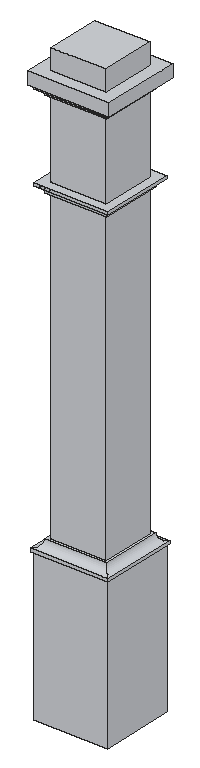
Revit family
Parameters (values of type "150mm")
  w1 = 폭 / 2  # 75 mm
  built-in parameter 1008623 [instance] = (empty or 0)
  built-in parameter 1008625 [instance] = (empty or 0)
  기둥 재료 = none
  폭 = 150 mm
  Post = yes
  built-in parameter 1008624 [instance] = (empty or 0)
  built-in parameter 1008622 [instance] = 915 mm
Types (3, lengths in mm): name | w1 | 폭
  (no name) | 75 | 150
  100mm | 50 | 100
  150mm | 75 | 150
Reference planes
  plane 1 "중심(앞/뒤)": y = 0
  plane 2: z = 0
  plane 3 "중심(왼쪽/오른쪽)": x = 0
  plane 4 "상단": z = 915
  plane 5: z = 1219.8
  plane 6: x = -75
  plane 7: x = 75
  plane 8: y = -75
  plane 9: y = 75
  plane 10: z = 304.8
  plane 11: z = 975.325
  plane 12: z = 1178.525
Forms (mm)
  Extrusion 1, solid, material <- "기둥 재료"
    sketch origin (0, 0, 0) x (1, 0, 0) y (0, 1, 0)
      loop
        line (-75, 75) -> (-75, -75) -> (75, -75) -> (75, 75) -> (-75, 75)
    from 0 to 304.8
  Extrusion 2, solid, material <- "기둥 재료"
    sketch origin (0, 0, 0) x (1, 0, 0) y (0, 1, 0)
      loop
        line (-55.95, 55.95) -> (-55.95, -55.95) -> (55.95, -55.95) -> (55.95, 55.95) -> (-55.95, 55.95)
    from 304.8 to 1219.8
  Sweep 3, solid, material <- "기둥 재료"
    path origin (0, 0, 0) x (1, 0, 0) y (0, 1, 0)
      loop
        line (55.95, 55.95) -> (-55.95, 55.95) -> (-55.95, -55.95) -> (55.95, -55.95) -> (55.95, 55.95)
    profile origin (0, 0, 0) x (0, -1, 0) y (0, 0, 1)
      loop
        line (-55.95, 1178.525) -> (-81.35, 1178.525) -> (-81.35, 1153.125) -> (-55.95, 1153.125) -> (-55.95, 1178.525)
  Sweep 4, solid, material <- "기둥 재료"
    path origin (0, 0, 0) x (1, 0, 0) y (0, 1, 0)
      loop
        line (55.95, 55.95) -> (-55.95, 55.95) -> (-55.95, -55.95) -> (55.95, -55.95) -> (55.95, 55.95)
    profile origin (0, 0, 0) x (0, -1, 0) y (0, 0, 1)
      loop
        line (-55.95, 304.8) -> (-55.95, 327.025) -> (-62.3, 327.025)
        arc (-62.3, 327.025) -> (-66.95, 315.8) -> (-78.175, 311.15) r 15.875
        line (-78.175, 311.15) -> (-78.175, 304.8) -> (-55.95, 304.8)
      loop
        line (-55.95, 975.325) -> (-75, 975.325) -> (-75, 968.975)
        arc (-75, 968.975) -> (-66.02, 965.255) -> (-62.3, 956.275) r 12.7
        line (-62.3, 956.275) -> (-55.95, 956.275) -> (-55.95, 975.325)
      loop
        line (-75, 1153.125) -> (-75, 1146.775) -> (-62.3, 1146.775) -> (-62.3, 1134.075) -> (-55.95, 1134.075) -> (-55.95, 1153.125) -> (-75, 1153.125)
Dimensions and locks
  "built-in parameter 1008622": plane 2 to plane 4 "상단"
  equal spacing: Extrusion 1 sketch curve, plane 3 "중심(왼쪽/오른쪽)", Extrusion 1 sketch curve
  equal spacing: Extrusion 1 sketch curve, plane 1 "중심(앞/뒤)", Extrusion 1 sketch curve
  "폭": Extrusion 1 sketch curve to Extrusion 1 sketch curve  (x2)
  "폭": plane 6 to plane 7
  "폭": plane 8 to plane 9
  equal spacing: plane 8, plane 1 "중심(앞/뒤)", plane 9
  equal spacing: plane 6, plane 3 "중심(왼쪽/오른쪽)", plane 7
  locked: plane 4 "상단" to plane 5 at 304.8
  locked: plane 6 to Extrusion 2 sketch curve at 19.05
  locked: Extrusion 2 sketch curve to plane 7 at 19.05
  locked: Extrusion 2 sketch curve to plane 8 at 19.05
  locked: Extrusion 2 sketch curve to plane 9 at 19.05
  locked: plane 12 to plane 5 at 41.275
  locked: plane 11 to plane 12 at 203.2
  locked: level to plane 10 at 304.8
  locked: Sweep 3 sketch curve to plane 12 at 25.4
  locked: Sweep 3 sketch curve to Extrusion 2 at 25.4
  locked: plane 10 to Sweep 4 sketch curve at 22.225
  locked: Sweep 4 sketch curve to Extrusion 2 at 22.225
  Sweep 4 sketch curve to plane 11 = 19.05 mm
  aligned and locked: Extrusion 1 to level
  aligned and locked: Extrusion 1 to plane 10
  aligned and locked: Extrusion 2 to Extrusion 1
  aligned and locked: Extrusion 2 to plane 5
  aligned and locked: Sweep 3 sketch curve to Extrusion 2  (x5)
  aligned and locked: Sweep 3 sketch curve to plane 12
  aligned and locked: Sweep 4 sketch curve to Extrusion 2  (x5)
  aligned and locked: Sweep 4 sketch curve to plane 10
  aligned and locked: Sweep 4 sketch curve to plane 11
  aligned and locked: Extrusion 2 to Sweep 4 sketch curve  (x2)
  aligned and locked: Sweep 4 sketch curve to plane 9
  aligned and locked: Sweep 3 to Sweep 4 sketch curve
Automatic sketch dimensions
  Sweep 4 sketch curve to Sweep 4 sketch curve = 19.05 mm  (x2)
  profile plane to Sweep 4 sketch curve = 6.35 mm
  Sweep 4 sketch curve to Sweep 4 sketch curve = 6.35 mm  (x3)
